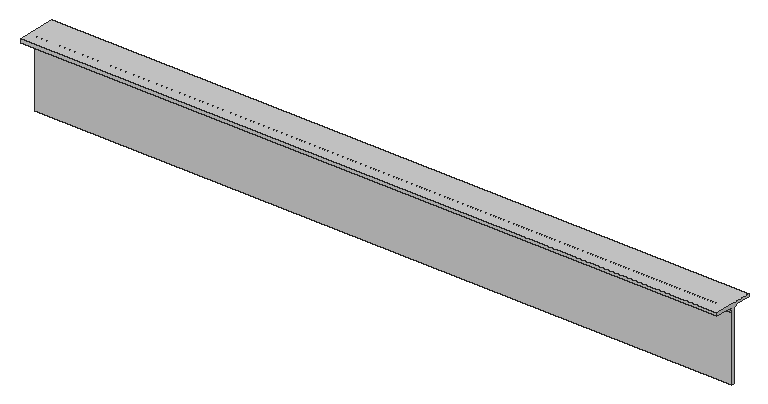
Revit family "e1b1a312e1f14a0ca50ffdb7808440fa", category Structural Framing, Revit 2021
Family settings
  Structural Framing Length Roundoff = 0' - 0"
  Section Shape = I-split Parallel Flange
  Material for Model Behavior = Steel
  Always export as geometry = No
  Family Name Key = MT Shapes
  Code Name = AISC 14.1
  OmniClass Number = 23.25.30.11.14.14
  OmniClass Title = Beams
  Seek Item ID = MT Shapes-0000-USA-ENU
  Always vertical = Yes
  Cut with Voids When Loaded = No
  Symbolic Representation = From Project Settings
  Shared = No
  Show family pre-cut in plan views = Yes
Parameters (values of type "MT5X4.5")
  Width = 0' - 2.69047"
  Web Thickness = 0' - 0.157"
  Web Fillet = 0.357"
  Warping Constant = 0.013800 in⁶
  Torsional Moment of Inertia = 0.01560 in⁴
  Structural Material [instance] = Steel ASTM A992
  Section Name Key = ""
  Section Area = 1.330 in²
  Plastic Modulus weak axis = 0.4030 in³
  Plastic Modulus strong axis = 1.8100 in³
  Nominal Weight = 4.50 lbf/ft
  Moment of Inertia weak axis = 0.33600 in⁴
  Moment of Inertia strong axis = 3.47000 in⁴
  Height = 0' - 5"
  Flange Thickness = 0.206"
  Elastic Modulus weak axis = 0.2500 in³
  Elastic Modulus strong axis = 1.0000 in³
  Centroid Vertical = 0' - 3.46"
  Centroid Horizontal = Width / 2  # 1.34523"
  Bolt Spacing = 0' - 0"
  Assembly Code = "B10"
  Length [instance] = 5' - 0"
Types (2): name | Width | Web Thickness | Web Fillet | Warping Constant | Torsional Moment of Inertia | Section Area | Plastic Modulus weak axis | Plastic Modulus strong axis | Nominal Weight | Moment of Inertia weak axis | Moment of Inertia strong axis | Height | Flange Thickness | Elastic Modulus weak axis | Elastic Modulus strong axis | Centroid Vertical | Centroid Horizontal
  MT5X4.5 | 0' - 2.69047" | 0' - 0.157" | 0.357" | 0.013800 in⁶ | 0.01560 in⁴ | 1.330 in² | 0.4030 in³ | 1.8100 in³ | 4.50 lbf/ft | 0.33600 in⁴ | 3.47000 in⁴ | 0' - 5" | 0.206" | 0.2500 in³ | 1.0000 in³ | 0' - 3.46" | 1.34523"
  MT6X5.9 | 0' - 3.07" | 0' - 0.177" | 0.338" | 0.033700 in⁶ | 0.02490 in⁴ | 1.740 in² | 0.5750 in³ | 2.8900 in³ | 5.90 lbf/ft | 0.54300 in⁴ | 6.61000 in⁴ | 0' - 6" | 0.225" | 0.3540 in³ | 1.6100 in³ | 0' - 4.11" | 1.535"
Reference planes (in)
  plane 1 "Center (Front/Back)": y = 0
  plane 2: z = 0
  plane 3 "Center (Left/Right)": x = 0.1815
  plane 4 "Member Left": x = -23.8185
  plane 5 "Member Right": x = 24.1815
  plane 6: y = 1.34523
  plane 7: y = -1.34523
  plane 8 "Left": x = -29.8185
  plane 9 "Right": x = 30.1815
  plane 10: z = 1.54
  plane 11: z = -3.46
Forms (in)
  Sweep 1, solid, material "Steel ASTM A992" <- "Structural Material", detail levels fine
    path origin (0, 0, 0) x (1, 0, 0) y (0, 1, 0)
      loop
        line (24.1815, 0) -> (-23.8185, 0)
    profile "Structural Tee-Profile-Fine : Structural Tee-Profile-Fine" origin (0.1815, 0, 0) x (0, -1, 0) y (0, 0, 1)
      loop
        line (-1.34523, 1.54) -> (-1.34523, 1.334) -> (-0.4355, 1.334)
        arc (-0.4355, 1.334) -> (-0.18306, 1.22944) -> (-0.0785, 0.977) r 0.357
        line (-0.0785, 0.977) -> (-0.0785, -3.46) -> (0.0785, -3.46) -> (0.0785, 0.977)
        arc (0.0785, 0.977) -> (0.18306, 1.22944) -> (0.4355, 1.334) r 0.357
        line (0.4355, 1.334) -> (1.34523, 1.334) -> (1.34523, 1.54) -> (-1.34523, 1.54)
  Sweep 2, solid, material "Steel ASTM A992" <- "Structural Material", detail levels medium
    path origin (0, 0, 0) x (1, 0, 0) y (0, 1, 0)
      loop
        line (24.1815, 0) -> (-23.8185, 0)
    profile "Structural Tee-Profile-Medium : Structural Tee-Profile-Medium" origin (0.1815, 0, 0) x (0, -1, 0) y (0, 0, 1)
      loop
        line (-1.34523, 1.54) -> (-1.34523, 1.334) -> (-0.0785, 1.334) -> (-0.0785, -3.46) -> (0.0785, -3.46) -> (0.0785, 1.334) -> (1.34523, 1.334) -> (1.34523, 1.54) -> (-1.34523, 1.54)
Lines and regions (in)
  symbolic lines, style "Hidden Faces", detail levels medium+fine
    curve 1: line (24.1815, -0.0785, 0) -> (-23.8185, -0.0785, 0)
    curve 2: line (24.1815, 0.0785, 0) -> (-23.8185, 0.0785, 0)
  symbolic lines, style "Stick Symbols", detail levels coarse
    curve 3: line (0.1815, 1.34523, 1.54) -> (0.1815, -1.34523, 1.54)
    curve 4: line (0.1815, 0, 1.54) -> (0.1815, 0, -3.46)
Dimensions and locks (in)
  "Width": plane 6 to plane 7
  equal spacing: plane 6, plane 1 "Center (Front/Back)", plane 7
  "Length": plane 8 "Left" to plane 9 "Right"
  equal spacing: curve 2, plane 1 "Center (Front/Back)", curve 1
  "Web Thickness": curve 2 to curve 1
  "Height": plane 10 to plane 11
  "Centroid Vertical": level to plane 11
  aligned and locked: Sweep 1 sketch curve to plane 1 "Center (Front/Back)"
  aligned and locked: Sweep 2 sketch curve to plane 1 "Center (Front/Back)"
  aligned and locked: Sweep 2 to curve 3
  aligned and locked: curve 3 to Sweep 2
  aligned and locked: Sweep 2 to curve 4
  aligned and locked: plane 4 "Member Left" to Sweep 2 sketch curve
  aligned and locked: plane 5 "Member Right" to Sweep 2 sketch curve
  aligned and locked: plane 4 "Member Left" to Sweep 1 sketch curve
  aligned and locked: plane 5 "Member Right" to Sweep 1 sketch curve
  aligned and locked: plane 4 "Member Left" to curve 2
  aligned and locked: plane 4 "Member Left" to curve 1
  aligned and locked: plane 5 "Member Right" to curve 2
  aligned and locked: plane 5 "Member Right" to curve 1
  aligned and locked: curve 3 to plane 10
  aligned and locked: plane 10 to curve 4
  aligned and locked: curve 4 to plane 1 "Center (Front/Back)"
  aligned and locked: plane 2 to level
